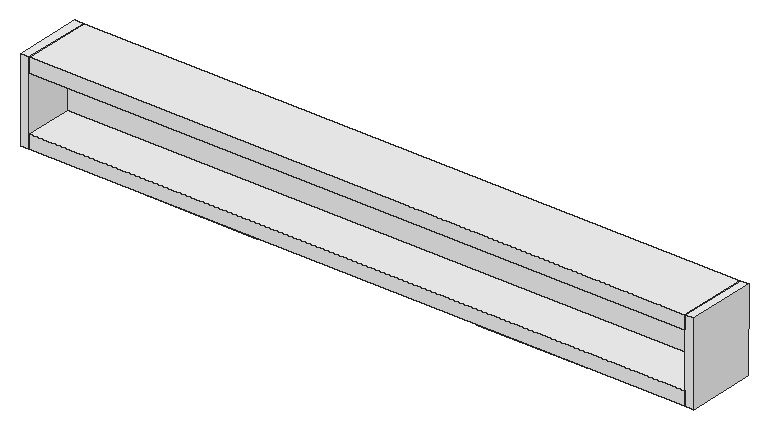
Revit family "70L-W-D", category Lighting Fixtures, host Face, Revit 2021
Family settings
  Host = Face
  Round Connector Dimension = Use Diameter
  Part Type = Normal
  OmniClass Number = 23.80.70.14.21
  OmniClass Title = Street and Roadway Lighting
  Cut with Voids When Loaded = No
  Light Source = Yes
  Shared = Yes
  Room Calculation Point = No
Parameters (values of type "70L-W-D-02")
  zz Length 2 = zz Length 1 - 12.000"  # 12.000"
  zz Length 1 = 24.000"
  Watts = 25 W
  Wattage Comments = ""
  Wattage = 106.5 W
  built-in parameter 1150110 = 1 (stored number, unit not read)
  Voltage = 120 V
  URL = "https://www.currentlighting.com/litecontrol"
  Type Comments = "Lighting Fixtures"
  built-in parameter 1114217 = 1 (stored number, unit not read)
  Tilt Angle = -90.00°  # constant formula
  built-in parameter 1150109 = 1 (stored number, unit not read)
  built-in parameter 1150134 = (empty or 0)
  built-in parameter 1150113 = 1 (stored number, unit not read)
  Product Page URL = ""
  Product Material = White
  Product Documentation Link = ""
  Power Factor = 1
  Photometric Web Link = ""
  Photometric Web File = "70L-X-D-4-CX-35K-D030-ECC.ies"
  Photometric Note = "More Photometric Web Files dowload in the Web link"  # constant formula
  Model = "Nelo 70L"  # constant formula
  Manufacturer = "LITECONTROL"  # constant formula
  built-in parameter 1150105 = -5126353.4 (stored number, unit not read)
  Lumens = 12247.5 lm
  built-in parameter 1150115 = 1 (stored number, unit not read)
  Load Classification = Lighting
  built-in parameter 1150137 = (empty or 0)
  built-in parameter 1150139 = (empty or 0)
  built-in parameter 1150112 = 1 (stored number, unit not read)
  built-in parameter 1150114 = 1 (stored number, unit not read)
  Lamp = "LED"  # constant formula
  built-in parameter 1150132 = (empty or 0)
  built-in parameter 1150102 = (empty or 0)
  built-in parameter 1150107 = 3107 (stored number, unit not read)
  built-in parameter 1150138 = (empty or 0)
  built-in parameter 1150106 = -51263.5 (stored number, unit not read)
  Glass = Glass -  White
  Features = " Variable Intensity technology provides a range of specifiable outputs and \r\nresulting fixture wattages\r\n•  1200 lumens max. See performance data table on page 4 for additional \r\ninformation\r\n•  80 & 90 CRI (30, 35, 40K); Warm Dim (30-22K), Tunable White (27-65K & 27-50K)"  # constant formula
  Emit from Line Length = zz Length 1 - 1.000"  # 23.000"
  built-in parameter 1150104 = 10.684 (stored number, unit not read)
  Dimming Lamp Color Temperature Shift = <None>
  Description = "Open Aperture Recessed Direct"  # constant formula
  Default Elevation = 48.000"
  Contact Us = ""
  Color Filter = 16777215
  built-in parameter 1114218 = 1 (stored number, unit not read)
  built-in parameter 1150133 = 10 (stored number, unit not read)
  Assembly Code = "D5020200"
  Apparent Load = Watts / Power Factor  # 25 VA
Types (7): name | zz Length 2 | zz Length 1 | Emit from Line Length
  (no name) | 12.000" | 24.000" | 23.000"
  70L-W-D-02 | 12.000" | 24.000" | 23.000"
  70L-W-D-03 | 24.000" | 36.000" | 35.000"
  70L-W-D-04 | 36.000" | 48.000" | 47.000"
  70L-W-D-05 | 48.000" | 60.000" | 59.000"
  70L-W-D-06 | 60.000" | 72.000" | 71.000"
  70L-W-D-08 | 84.000" | 96.000" | 95.000"
Reference planes (in)
  plane 1 "Center (Front/Back)": y = 0
  plane 2: z = 0
  plane 3 "Center (Left/Right)": x = 0
  plane 4: x = 12
  plane 5: x = -12
  plane 6: y = -1.5
  plane 7: y = 1.5
  plane 8: z = 13.75
  plane 9: x = 12.313
  plane 10: x = -12.313
  plane 11: x = -11
  plane 12: x = 11
  plane 13: z = 0.375
  plane 14: x = 6
  plane 15: x = -6
  plane 16: x = 3.75
  plane 17: x = 8.25
  plane 18: x = -8.25
  plane 19: x = -3.75
Forms (in)
  Extrusion 1, solid, material "White" <- "Product Material"
    sketch origin (0, 0, -11.25) x (0, 1, 0) y (0, 0, 1)
      loop
        line (-1.25, 14.625) -> (-1.25, 14.125) -> (0.5, 14.125) -> (0.5, 13.125) -> (0.5, 12.125) -> (-1.25, 12.125) -> (-1.25, 11.625) -> (1.25, 11.625) -> (1.25, 14.625) -> (-1.25, 14.625)
    from -12 to 12
  Extrusion 2, solid, material "White" <- "Product Material"
    sketch origin (0, 0, -11.25) x (0, 1, 0) y (0, 0, 1)
      loop
        line (1.25, 11.625) -> (1.25, 14.625) -> (-1.25, 14.625) -> (-1.25, 11.625) -> (1.25, 11.625)
    from 12 to 12.313
  Extrusion 3, solid, material "White" <- "Product Material"
    sketch origin (0, 0, -11.25) x (0, 1, 0) y (0, 0, -1)
      loop
        line (1.25, -11.625) -> (-1.25, -11.625) -> (-1.25, -14.625) -> (1.25, -14.625) -> (1.25, -11.625)
    from 12 to 12.313
  Extrusion 4, solid, material "White" <- "Product Material"
    sketch origin (0, 0, 0) x (1, 0, 0) y (0, 1, 0)
      loop
        arc (-7.95, 0.75) -> (-8.16213, 0.66213) -> (-8.25, 0.45) r 0.3
        line (-8.25, 0.45) -> (-8.25, -0.45)
        arc (-8.25, -0.45) -> (-8.16213, -0.66213) -> (-7.95, -0.75) r 0.3
        line (-7.95, -0.75) -> (-4.05, -0.75)
        arc (-4.05, -0.75) -> (-3.83787, -0.66213) -> (-3.75, -0.45) r 0.3
        line (-3.75, -0.45) -> (-3.75, 0.45)
        arc (-3.75, 0.45) -> (-3.83787, 0.66213) -> (-4.05, 0.75) r 0.3
        line (-4.05, 0.75) -> (-7.95, 0.75)
      loop
        arc (-7.56805, 0.16105) -> (-7.6529, 0.1259) -> (-7.68805, 0.04105) r 0.12
        line (-7.68805, 0.04105) -> (-7.68805, -0.04105)
        arc (-7.68805, -0.04105) -> (-7.6529, -0.1259) -> (-7.56805, -0.16105) r 0.12
        line (-7.56805, -0.16105) -> (-7.21913, -0.16105)
        arc (-7.21913, -0.16105) -> (-7.13428, -0.1259) -> (-7.09913, -0.04105) r 0.12
        line (-7.09913, -0.04105) -> (-7.09913, 0.04105)
        arc (-7.09913, 0.04105) -> (-7.13428, 0.1259) -> (-7.21913, 0.16105) r 0.12
        line (-7.21913, 0.16105) -> (-7.56805, 0.16105)
      loop
        line (-4.43195, 0.16105) -> (-4.78087, 0.16105)
        arc (-4.78087, 0.16105) -> (-4.86572, 0.1259) -> (-4.90087, 0.04105) r 0.12
        line (-4.90087, 0.04105) -> (-4.90087, -0.04105)
        arc (-4.90087, -0.04105) -> (-4.86572, -0.1259) -> (-4.78087, -0.16105) r 0.12
        line (-4.78087, -0.16105) -> (-4.43195, -0.16105)
        arc (-4.43195, -0.16105) -> (-4.3471, -0.1259) -> (-4.31195, -0.04105) r 0.12
        line (-4.31195, -0.04105) -> (-4.31195, 0.04105)
        arc (-4.31195, 0.04105) -> (-4.3471, 0.1259) -> (-4.43195, 0.16105) r 0.12
      loop
        line (-6.55056, 0.36906) -> (-6.55056, -0.38094) -> (-5.44944, -0.38094) -> (-5.44944, 0.36906) -> (-6.55056, 0.36906)
    from 0 to 0.375
  Extrusion 5, solid, material "White" <- "Product Material"
    sketch origin (0, 0, 0) x (-1, 0, 0) y (0, -1, 0)
      loop
        line (-7.95, -0.75) -> (-4.05, -0.75)
        arc (-4.05, -0.75) -> (-3.83787, -0.66213) -> (-3.75, -0.45) r 0.3
        line (-3.75, -0.45) -> (-3.75, 0.45)
        arc (-3.75, 0.45) -> (-3.83787, 0.66213) -> (-4.05, 0.75) r 0.3
        line (-4.05, 0.75) -> (-7.95, 0.75)
        arc (-7.95, 0.75) -> (-8.16213, 0.66213) -> (-8.25, 0.45) r 0.3
        line (-8.25, 0.45) -> (-8.25, -0.45)
        arc (-8.25, -0.45) -> (-8.16213, -0.66213) -> (-7.95, -0.75) r 0.3
      loop
        line (-7.56805, -0.16105) -> (-7.21913, -0.16105)
        arc (-7.21913, -0.16105) -> (-7.13428, -0.1259) -> (-7.09913, -0.04105) r 0.12
        line (-7.09913, -0.04105) -> (-7.09913, 0.04105)
        arc (-7.09913, 0.04105) -> (-7.13428, 0.1259) -> (-7.21913, 0.16105) r 0.12
        line (-7.21913, 0.16105) -> (-7.56805, 0.16105)
        arc (-7.56805, 0.16105) -> (-7.6529, 0.1259) -> (-7.68805, 0.04105) r 0.12
        line (-7.68805, 0.04105) -> (-7.68805, -0.04105)
        arc (-7.68805, -0.04105) -> (-7.6529, -0.1259) -> (-7.56805, -0.16105) r 0.12
      loop
        arc (-4.43195, -0.16105) -> (-4.3471, -0.1259) -> (-4.31195, -0.04105) r 0.12
        line (-4.31195, -0.04105) -> (-4.31195, 0.04105)
        arc (-4.31195, 0.04105) -> (-4.3471, 0.1259) -> (-4.43195, 0.16105) r 0.12
        line (-4.43195, 0.16105) -> (-4.78087, 0.16105)
        arc (-4.78087, 0.16105) -> (-4.86572, 0.1259) -> (-4.90087, 0.04105) r 0.12
        line (-4.90087, 0.04105) -> (-4.90087, -0.04105)
        arc (-4.90087, -0.04105) -> (-4.86572, -0.1259) -> (-4.78087, -0.16105) r 0.12
        line (-4.78087, -0.16105) -> (-4.43195, -0.16105)
      loop
        line (-6.55056, -0.36906) -> (-5.44944, -0.36906) -> (-5.44944, 0.38094) -> (-6.55056, 0.38094) -> (-6.55056, -0.36906)
    from 0 to 0.375
Dimensions and locks (in)
  "zz Length 1": plane 4 to plane 5
  equal spacing: plane 4, plane 3 "Center (Left/Right)", plane 5
  locked: plane 4 to plane 12 at 1
  locked: plane 9 to plane 4 at 0.313
  locked: plane 11 to plane 5 at 1
  locked: plane 5 to plane 10 at 0.313
  "zz Length 2": plane 14 to plane 15
  equal spacing: plane 14, plane 3 "Center (Left/Right)", plane 15
  plane 17 to plane 14 to plane 16 = 2.250" locked, 2.250" locked
  plane 19 to plane 15 to plane 18 = 2.250" locked, 2.250" locked
  aligned and locked: plane 2 to host face
  aligned and locked: level to host face
  aligned and locked: Extrusion 1 to plane 5
  aligned and locked: plane 4 to Extrusion 1
  aligned and locked: plane 9 to Extrusion 2
  aligned and locked: Extrusion 2 to plane 4
  aligned and locked: Extrusion 3 to plane 10
  aligned and locked: plane 5 to Extrusion 3
  aligned and locked: Extrusion 5 to plane 16
  aligned and locked: plane 17 to Extrusion 5
Automatic sketch dimensions
  host sketch curve to host sketch curve = 96.000"  (x2)
  Extrusion 1 sketch curve to plane 13 = 0.000"
  Extrusion 1 sketch curve to plane 6 = 0.250"  (x2)
  Extrusion 1 sketch curve to plane 1 "Center (Front/Back)" = 0.500"
  plane 7 to Extrusion 1 sketch curve = 0.250"
  plane 13 to Extrusion 1 sketch curve = 0.500"
  Extrusion 1 sketch curve to Extrusion 1 sketch curve = 1.000"  (x2)
  Extrusion 1 sketch curve to Extrusion 1 sketch curve = 0.500"
  Extrusion 2 sketch curve to plane 6 = 0.250"
  plane 7 to Extrusion 2 sketch curve = 0.250"
  level to Extrusion 2 sketch curve = 0.375"
  Extrusion 2 sketch curve to Extrusion 2 sketch curve = 3.000"
  Extrusion 3 sketch curve to plane 6 = 0.250"
  plane 7 to Extrusion 3 sketch curve = 0.250"
  level to Extrusion 3 sketch curve = 3.375"
  level to Extrusion 3 sketch curve = 0.375"
  Extrusion 4 sketch curve to plane 18 = 0.000"
  Extrusion 4 sketch curve to plane 19 = 0.000"
  plane 18 to Extrusion 4 sketch curve = 0.300"  (x2)
  plane 1 "Center (Front/Back)" to Extrusion 4 sketch curve = 0.04105"  (x3)
  Extrusion 4 sketch curve to Extrusion 4 sketch curve = 0.26195"
  Extrusion 4 sketch curve to Extrusion 4 sketch curve = 0.120"  (x4)
  Extrusion 4 sketch curve to Extrusion 4 sketch curve = 0.000"  (x3)
  Extrusion 4 sketch curve to Extrusion 4 sketch curve = 0.34892"  (x2)
  Extrusion 4 sketch curve to plane 1 "Center (Front/Back)" = 0.04105"  (x2)
  Extrusion 4 sketch curve to plane 15 = 0.55056"
  plane 15 to Extrusion 4 sketch curve = 0.55056"
  Extrusion 4 sketch curve to Extrusion 4 sketch curve = 0.54857"
  Extrusion 4 sketch curve to plane 19 = 0.300"  (x2)
  plane 1 "Center (Front/Back)" to Extrusion 4 sketch curve = 0.38094"
  plane 1 "Center (Front/Back)" to Extrusion 4 sketch curve = 0.450"
  Extrusion 4 sketch curve to plane 1 "Center (Front/Back)" = 0.36906"
  Extrusion 4 sketch curve to plane 1 "Center (Front/Back)" = 0.450"
  Extrusion 5 sketch curve to plane 17 = 0.000"
  Extrusion 5 sketch curve to plane 16 = 0.000"
  Extrusion 5 sketch curve to plane 17 = 0.300"  (x2)
  plane 1 "Center (Front/Back)" to Extrusion 5 sketch curve = 0.04105"  (x3)
  Extrusion 5 sketch curve to Extrusion 5 sketch curve = 0.26195"
  Extrusion 5 sketch curve to Extrusion 5 sketch curve = 0.120"  (x4)
  Extrusion 5 sketch curve to Extrusion 5 sketch curve = 0.000"  (x3)
  Extrusion 5 sketch curve to Extrusion 5 sketch curve = 0.34892"  (x2)
  Extrusion 5 sketch curve to plane 1 "Center (Front/Back)" = 0.04105"  (x2)
  plane 14 to Extrusion 5 sketch curve = 0.55056"
  Extrusion 5 sketch curve to plane 14 = 0.55056"
  Extrusion 5 sketch curve to Extrusion 5 sketch curve = 0.54857"
  Extrusion 5 sketch curve to Extrusion 5 sketch curve = 0.300"  (x2)
  Extrusion 5 sketch curve to plane 1 "Center (Front/Back)" = 0.36906"
  Extrusion 5 sketch curve to plane 1 "Center (Front/Back)" = 0.450"
  plane 1 "Center (Front/Back)" to Extrusion 5 sketch curve = 0.38094"
  plane 1 "Center (Front/Back)" to Extrusion 5 sketch curve = 0.450"
Connectors (in)
  electrical at (0, 1.25, 1.875), driven by "Apparent Load", driven by "Voltage"
    settings: on Extrusion 1, index 1, voltage 120 V, apparent load 25 VA, apparent load phase1 0 VA, apparent load phase2 0 VA, apparent load phase3 0 VA, power factor 1, load classification "Other", number of poles 1, system type 30, power factor state 1, is connector primary yes, connector utility no, sub classification motor no, connector description "Lighting Connector"
